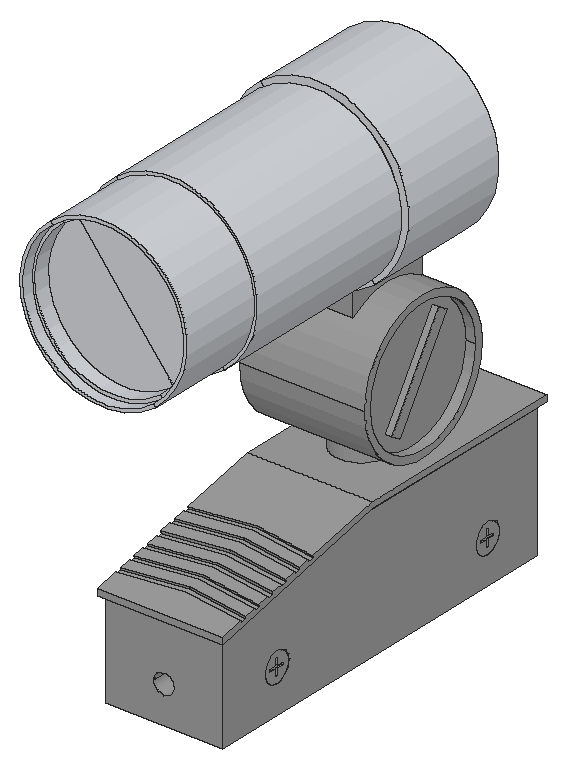
Revit family "TUBE GARDEN_JM4SW.1.22", category Luminarias, Revit 2019
Family settings
  Cota de conector redondo = Diámetro de uso
  Tipo de pieza = Normal
  Se basa en plano de trabajo = Sí
  Siempre vertical = No
  Corte con vacíos al cargar = No
  Origen de luz = Sí
  Compartido = No
  Punto de cálculo de habitación = No
Parameters (values of type "TUBE GARDEN_JM4SW.1.22")
  Ángulo de inclinación = 60.00°
  Zone [instance] = ""
  Watt per fixture = 4.5
  Wattage = 4.5 W
  built-in parameter 1150107 = 3000 (stored number, unit not read)
  built-in parameter 1150110 = 1 (stored number, unit not read)
  built-in parameter 1150109 = 1 (stored number, unit not read)
  built-in parameter 1150112 = 1 (stored number, unit not read)
  built-in parameter 1150113 = 1 (stored number, unit not read)
  built-in parameter 1114218 = 1 (stored number, unit not read)
  Keynote = ""
  built-in parameter 1150137 = (empty or 0)
  built-in parameter 1150132 = (empty or 0)
  Modelo = "JM4SW.1.22"
  Lámpara = "NICHIA"
  Longitud [instance] = 1000 mm
  built-in parameter 1150105 = 20.29 (stored number, unit not read)
  built-in parameter 1150102 = (empty or 0)
  built-in parameter 1150106 = 0.2029 (stored number, unit not read)
  Lumens = 254.97 lm
  Color Filter = 16777215
  built-in parameter 1114217 = 1 (stored number, unit not read)
  built-in parameter 1150139 = (empty or 0)
  Fabricante = "BRILLANT"
  Default Elevation = 0 mm
  built-in parameter 1150104 = 5.2639 (stored number, unit not read)
  Descripción = "LUMINARIA DE JARDIN DIRIGIBLE CON DIFERENTES TIPOS DE SUJECION, CUERPO DE ALUMINIO FUNDIDO A PRESION CUBIERTO CON POLVO GRIS OSCURO Y VIDRIO TEMPLADO DE 4MM CON UN PESO DE 1KG, USO PARA INTERIORES Y EXTERIORES IP 66, 1 LED TIPO NICHIA CON UNA POTENCIA DE 4.5W, IRC 80, 255 LUMENES, TEMPERATURA EN BLANCO CALIDO 3000K, EFICIENCIA DE 56.66 LM/W, APERTURA DE 22 GRADOS POR STOCK, CABLE DE 1.9M H05RN-F, ALIMENTADO A 100-240V."
  built-in parameter 1150115 = 1 (stored number, unit not read)
  built-in parameter 1150114 = 1 (stored number, unit not read)
  Comentarios de vataje = "100-240V"
  built-in parameter 1150138 = (empty or 0)
  built-in parameter 1150134 = (empty or 0)
  Circuit [instance] = ""
  Dimming Lamp Color Temperature Shift = (empty or 0)
  Archivo de red fotométrica = "JM4SW.1 22°.IES"
  built-in parameter 1150133 = 10 (stored number, unit not read)
Reference planes
  plane 1 "Centro (Frontal/Posterior)": y = 0
  plane 2: z = 0
  plane 3 "Centro (Izquierda/Derecha)": x = 0
  plane 4: y = -61.917
  plane 5: y = 38.083
  plane 6: z = 35
  plane 7: z = 121.5
Forms (mm)
  Extrusion 1, solid, material "Aluminio"
    sketch origin (39.88, 0, 33.686) x (0, 0, 1) y (0, -1, 0)
      loop
        line (-33.825, 60.622) -> (-33.825, -36.369) -> (-1.361, -36.369) -> (-1.361, 15.603) -> (-10.93, 60.622) -> (-33.825, 60.622)
    from -54.278 to -25.483
  Revolve 2, solid
    sketch origin (61.33, -20.719, 23.263) x (-0.62932, 0, 0.777146) y (0, -1, 0)
      loop
        line (119.955, -35.031) -> (119.955, -7.435) -> (117.867, -7.435) -> (117.867, -6.354) -> (118.892, -6.354) -> (118.892, 38.021) -> (118.092, 38.021) -> (118.092, 58.636) -> (117.292, 58.636) -> (117.292, 55.943) -> (116.481, 55.943) -> (116.481, 51.975) -> (97.455, 51.975) -> (97.455, -36.864) -> (117.867, -36.864) -> (117.867, -35.031) -> (119.955, -35.031)
      axis (97.455, -36.864) -> (97.455, 58.636)
    angle from 0 to 360
  Extrusion 3, solid, material "Aluminio"
    sketch origin (0.356, 0, 14.678) x (0, 0, 1) y (0, -1, 0)
      loop
        circle (41.155, 0) r 18.092
      loop
        circle (41.155, 0) r 16.339
    from -15.819 to 15
  Extrusion 4, solid, material "Aluminio"
    sketch origin (0.356, 0, 14.678) x (0, 0, 1) y (0, -1, 0)
      loop
        circle (41.155, 0) r 16.339
    from -12.926 to 12.368
  Extrusion 5, solid, material "Aluminio"
    sketch origin (0.356, 0, 14.678) x (0, 0, 1) y (0, -1, 0)
      loop
        line (53.596, -5.944) -> (31.281, 8.548) -> (29.59, 5.944) -> (51.905, -8.548) -> (53.596, -5.944)
    from 12.368 to 14.042
  Extrusion 6, solid, material "Aluminio"
    sketch origin (-0.356, 0, 14.678) x (0, 0, 1) y (0, 1, 0)
      loop
        line (53.596, 5.944) -> (51.905, 8.548) -> (29.59, -5.944) -> (31.281, -8.548) -> (53.596, 5.944)
    from 12.368 to 14.042
  Extrusion 7, solid, material "Aluminio"
    sketch origin (-8.138, 0, 16.682) x (0, 0, 1) y (0, -1, 0)
      loop
        line (61.699, 10.674) -> (53.75, 10.674)
        arc (53.75, 10.674) -> (57.104, 0.102) -> (53.75, -10.47) r 18.336
        line (53.75, -10.47) -> (61.699, -10.47) -> (61.699, 10.674)
    from 1.534 to 14.765
  Extrusion 8, solid, material "Aluminio"
    sketch origin (0, 0, 0) x (1, 0, 0) y (0, 1, 0)
      loop
        circle (0, 0) r 6.607
    from 35 to 39.074
  Extrusion 9, solid, material "Aluminio"
    sketch origin (39.88, 0.947, 34.633) x (0, 0, 1) y (0, -1, 0)
      loop
        line (-1.133, -37.136) -> (0.367, -37.136) -> (0.367, 16.522) -> (-9.484, 62.864) -> (-10.984, 62.864) -> (-1.133, 16.522) -> (-1.133, -37.136)
    from -55.344 to -24.525
  Extrusion 10, void
    sketch origin (0, 1.025, 6.176) x (1, 0, 0) y (0, 0.978012, 0.208547)
      loop
        line (-21.529, -31.26) -> (0, -28.617) -> (21.507, -31.257) -> (21.507, -29.746) -> (0, -27.105) -> (-21.529, -29.749) -> (-21.529, -31.26)
    from 31.104 to 32.437
  Extrusion 11, void
    sketch origin (0, -3.127, 5.294) x (1, 0, 0) y (0, 0.978012, 0.208547)
      loop
        line (-21.529, -31.26) -> (0, -28.617) -> (21.507, -31.257) -> (21.507, -29.746) -> (0, -27.105) -> (-21.529, -29.749) -> (-21.529, -31.26)
    from 31.104 to 32.437
  Extrusion 12, void
    sketch origin (0, -7.292, 4.406) x (1, 0, 0) y (0, 0.978012, 0.208547)
      loop
        line (-21.529, -31.26) -> (0, -28.617) -> (21.507, -31.257) -> (21.507, -29.746) -> (0, -27.105) -> (-21.529, -29.749) -> (-21.529, -31.26)
    from 31.104 to 32.437
  Extrusion 13, void
    sketch origin (0, -11.443, 3.52) x (1, 0, 0) y (0, 0.978012, 0.208547)
      loop
        line (-21.529, -31.26) -> (0, -28.617) -> (21.507, -31.257) -> (21.507, -29.746) -> (0, -27.105) -> (-21.529, -29.749) -> (-21.529, -31.26)
    from 31.104 to 32.437
  Extrusion 14, void
    sketch origin (0, -15.611, 2.632) x (1, 0, 0) y (0, 0.978012, 0.208547)
      loop
        line (-21.529, -31.26) -> (0, -28.617) -> (21.507, -31.257) -> (21.507, -29.746) -> (0, -27.105) -> (-21.529, -29.749) -> (-21.529, -31.26)
    from 31.104 to 32.437
  Extrusion 15, void
    sketch origin (0, -19.773, 1.744) x (1, 0, 0) y (0, 0.978012, 0.208547)
      loop
        line (-21.529, -31.26) -> (0, -28.617) -> (21.507, -31.257) -> (21.507, -29.746) -> (0, -27.105) -> (-21.529, -29.749) -> (-21.529, -31.26)
    from 31.104 to 32.437
  Extrusion 16, void
    sketch origin (0, 0, 0) x (1, 0, 0) y (0, 0, 1)
      loop
        circle (0, 9.003) r 2.52
    from -37.016 to 61.917
  Extrusion 17, void
    sketch origin (13.624, 0, 26.957) x (0, 0, 1) y (0, -1, 0)
      loop
        circle (-16.558, 43.85) r 3.807
      loop
        circle (-16.558, -21.15) r 3.807
    from 0 to 1.376
  Extrusion 18, void
    sketch origin (-13.624, 0, 26.957) x (0, 0, 1) y (0, 1, 0)
      loop
        circle (-16.558, -43.85) r 3.807
      loop
        circle (-16.558, 21.15) r 3.807
    from 0 to 1.376
  Extrusion 19, solid, material "Aluminio"
    sketch origin (39.88, 0.947, 24.633) x (0, 0, 1) y (0, -1, 0)
      loop
        circle (-14.235, 44.797) r 3.604
      loop
        line (-12.053, 45.203) -> (-13.83, 45.203) -> (-13.83, 46.979) -> (-14.64, 46.979) -> (-14.64, 45.203) -> (-16.417, 45.203) -> (-16.417, 44.392) -> (-14.64, 44.392) -> (-14.64, 42.616) -> (-13.83, 42.616) -> (-13.83, 44.392) -> (-12.053, 44.392) -> (-12.053, 45.203)
      loop
        circle (-14.235, -20.203) r 3.604
      loop
        line (-12.053, -19.797) -> (-13.83, -19.797) -> (-13.83, -18.021) -> (-14.64, -18.021) -> (-14.64, -19.797) -> (-16.417, -19.797) -> (-16.417, -20.608) -> (-14.64, -20.608) -> (-14.64, -22.384) -> (-13.83, -22.384) -> (-13.83, -20.608) -> (-12.053, -20.608) -> (-12.053, -19.797)
    from -26.256 to -25.674
  Extrusion 20, solid, material "Aluminio"
    sketch origin (-39.88, 0.947, 24.633) x (0, 0, 1) y (0, 1, 0)
      loop
        circle (-14.235, -44.797) r 3.604
      loop
        line (-12.053, -45.203) -> (-12.053, -44.392) -> (-13.83, -44.392) -> (-13.83, -42.616) -> (-14.64, -42.616) -> (-14.64, -44.392) -> (-16.417, -44.392) -> (-16.417, -45.203) -> (-14.64, -45.203) -> (-14.64, -46.979) -> (-13.83, -46.979) -> (-13.83, -45.203) -> (-12.053, -45.203)
      loop
        circle (-14.235, 20.203) r 3.604
      loop
        line (-12.053, 19.797) -> (-12.053, 20.608) -> (-13.83, 20.608) -> (-13.83, 22.384) -> (-14.64, 22.384) -> (-14.64, 20.608) -> (-16.417, 20.608) -> (-16.417, 19.797) -> (-14.64, 19.797) -> (-14.64, 18.021) -> (-13.83, 18.021) -> (-13.83, 19.797) -> (-12.053, 19.797)
    from -26.256 to -25.674
  Extrusion 21, void
    sketch origin (0, 0, 0) x (1, 0, 0) y (0, 0, 1)
      loop
        circle (-7.163, 17.402) r 6.005
      loop
        circle (-7.163, 17.402) r 5.658
      loop
        circle (-9.606, 17.402) r 0.823
      loop
        circle (-4.719, 17.402) r 0.823
    from -37.016 to -35.635
  Extrusion 22, void
    sketch origin (0, 0, 0) x (-1, 0, 0) y (0, 0, -1)
      loop
        circle (-7.163, -17.402) r 6.005
      loop
        circle (-7.163, -17.402) r 5.658
      loop
        circle (-9.606, -17.402) r 0.823
      loop
        circle (-4.719, -17.402) r 0.823
    from -37.016 to -35.635
Cuts and joins
  Extrusion 10, Extrusion 11, Extrusion 12, Extrusion 13, Extrusion 14, Extrusion 15 cuts Extrusion 9
  Extrusion 16, Extrusion 17, Extrusion 18, Extrusion 21, Extrusion 22 cuts Extrusion 1
Dimensions and locks
  plane 4 to plane 5 = 100 mm
  plane 6 to level = 35 mm
  plane 7 to level = 121.5 mm
  Revolve 2 to Revolve 2 = 95.5 mm
  aligned and locked: level to plane 2
Connectors
  electrical at (0, 36.369, 16.093)
    settings: on cut or joined group of Extrusion 1, Extrusion 16, Extrusion 17, Extrusion 18, Extrusion 21, Extrusion 22, index 1, voltage 240 V, apparent load 0 VA, apparent load phase1 0 VA, apparent load phase2 0 VA, apparent load phase3 0 VA, power factor 1, load classification "Otro", number of poles 1, system type 31, power factor state 1, is connector primary yes, connector utility no, sub classification motor no, connector description ""
